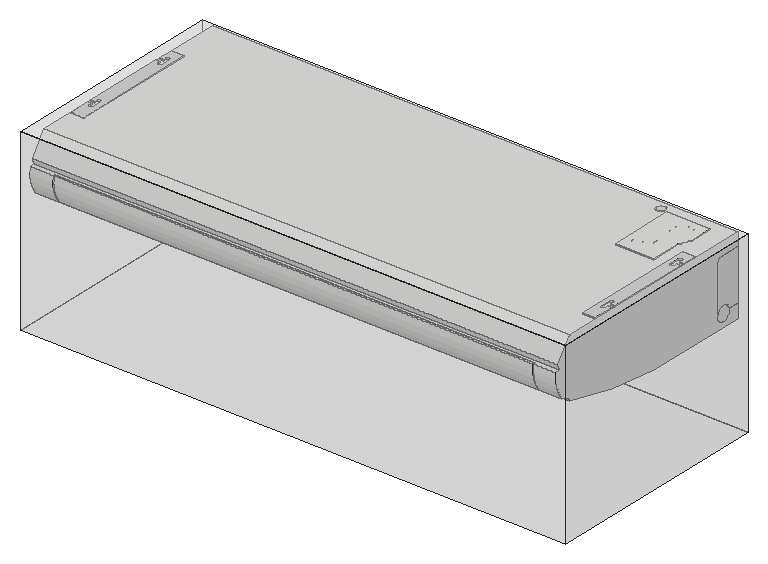
Revit family "outputfile", category 機械設備, Revit 2024
Family settings
  丸型コネクタ寸法 = 半径を使用
  パーツ タイプ = 標準
  OmniClass 番号 = 23.75.10.24.21.27.27
  OmniClass タイトル = Split System Air Conditioning Units
  作業面ベース = いいえ
  常に垂直 = はい
  ロード時にボイドで切り取り = いいえ
  注釈の向きを維持 = いいえ
  共有 = いいえ
  部屋計算ポイント = はい
Parameters (values of type "FHA100BVMA")
  Description = ""
  製造元 = "Daikin"
  書き出し IFC クラス(タイプ) = "IfcUnitaryEquipmentType"
  定義済み IFC タイプ(タイプ) = "AIRCONDITIONINGUNIT"
  Cost = 0
  モデル = "FHA100BVMA"
  Type Comments = ""
  Keynote = ""
  Type Image = (empty or 0)
  Assembly Code = ""
  switch_frequency = yes
  r_Liquid Pipe Size = Liquid Pipe Size / 2  # 4.75 mm
  r_Gas Pipe Size = Gas Pipe Size / 2  # 7.95 mm
  r_Drain Pipe Size = Drain Pipe Size / 2  # 10.0 mm
  l_powersupply [instance] = if(Rear Right Connection_powersupply, 29.0 mm, 175.0 mm)  # 29.0 mm
  h_mountinghole = 2.0 mm  # constant formula
  connector_voltage = Voltage_50Hz  # 230 V
  connector_powerinput = [Power Input (Cooling)]  # 2.780 kW
  connector_phase = Phase_50Hz  # 1
  angle_vertical_powersupply [instance] = if(Rear Right Connection_powersupply, 90.00°, 180.00°)  # 90.00°
  angle_vertical_drainpipe [instance] = if(or(Left Connection_drainpipe, Right Connection_drainpipe), 90.00°, if(Top Connection_drainpipe, 180.00°, -90.00°))  # -90.00°
  angle_horizontal_powersupply [instance] = if(Rear Right Connection_powersupply, 180.00°, 0.00°)  # 180.00°
  angle_horizontal_drainpipe [instance] = if(Right Connection_drainpipe, 90.00°, if(Left Connection_drainpipe, -90.00°, 0.00°))  # 0.00°
  Voltage_comment_60Hz = "220-230"
  Voltage_comment_50Hz = "220 - 240"
  Voltage_60Hz = 220 V
  Voltage_50Hz = 230 V
  URL = ""
  Total Heating Capacity [instance] = 0.000 kW
  Top Connection_refrigerant [instance] = no
  Top Connection_powersupply [instance] = not(Rear Right Connection_powersupply)  # no
  Right Connection_refrigerant [instance] = no
  Rear Right Connection_refrigerant [instance] = yes
  Power Input (Heating) = 3.220 kW
  Phase_60Hz = 1
  Phase_50Hz = 1
  Nominal Heating Capacity = 12.000 kW
  Minimum Circuit Amps_60Hz = 0.0 A
  Minimum Circuit Amps_50Hz = 0.0 A
  Maximum Fuse Amps_60Hz = 0.0 A
  Maximum Fuse Amps_50Hz = 0.0 A
  Material_Casing = DAIKIN_White_Casing_indoorunit
  lw_powersupply [instance] = if(Rear Right Connection_powersupply, 220.0 mm, 210.0 mm)  # 220.0 mm
  lw_mountinghole_pitch = Width - 40.0 mm  # 1550.0 mm
  lw_mountinghole = 20.0 mm  # constant formula
  lw_liquidpipe [instance] = if(Right Connection_refrigerant, 156.0 mm, if(Top Connection_refrigerant, 156.0 mm, 136.0 mm))  # 136.0 mm
  lw_gaspipe = 105.0 mm  # constant formula
  lw_drainpipe [instance] = if(Top Connection_drainpipe, 102.0 mm, if(Width = 960.0 mm, if(or(Left Connection_drainpipe, Rear Left Connection_drainpipe), 884.0 mm, 83.0 mm), if(Width = 1270.0 mm, if(or(Left Connection_drainpipe, Rear Left Connection_drainpipe), 1194.0 mm, 83.0 mm), if(Width = 1590.0 mm, if(or(Left Connection_drainpipe, Rear Left Connection_drainpipe), 1514.0 mm, 83.0 mm), 83.0 mm))))  # 83.0 mm
  lh_powersupply = 175.0 mm  # constant formula
  lh_liquidpipe [instance] = if(Rear Right Connection_refrigerant, 160.0 mm, 131.0 mm)  # 160.0 mm
  lh_gaspipe [instance] = if(Rear Right Connection_refrigerant, 150.0 mm, 91.0 mm)  # 150.0 mm
  lh_drainpipe = 197.0 mm  # constant formula
  l_antena = 1.0 mm  # constant formula
  ld_powersupply = 30.0 mm  # constant formula
  ld_mountinghole_pitch = 260.0 mm  # constant formula
  ld_mountinghole = 210.0 mm  # constant formula
  ld_liquidpipe [instance] = if(Right Connection_refrigerant, 57.0 mm, if(Top Connection_refrigerant, 189.0 mm, 221.0 mm))  # 221.0 mm
  ld_gaspipe [instance] = if(Right Connection_refrigerant, 57.0 mm, if(Top Connection_refrigerant, 163.0 mm, 214.0 mm))  # 214.0 mm
  ld_drainpipe [instance] = if(or(Left Connection_drainpipe, Right Connection_drainpipe), 57.0 mm, if(Top Connection_drainpipe, 87.0 mm, 268.0 mm))  # 268.0 mm
  l_liquidpipe_length [instance] = if(Right Connection_refrigerant, 156.0 mm, if(Top Connection_refrigerant, 131.0 mm, 220.0 mm))  # 220.0 mm
  l_gaspipe_length [instance] = if(Right Connection_refrigerant, 105.0 mm, if(Top Connection_refrigerant, 91.0 mm, 213.0 mm))  # 213.0 mm
  l_drainpipe_length [instance] = if(Right Connection_drainpipe, 83.0 mm, if(Top Connection_drainpipe, 197.0 mm, if(Left Connection_drainpipe, 76.0 mm, 267.0 mm)))  # 267.0 mm
  h*** = 0.0 mm  # constant formula
  angle_vertical [instance] = if(Right Connection_refrigerant, 90.00°, if(Top Connection_refrigerant, 180.00°, -90.00°))  # -90.00°
  angle_horizontal [instance] = if(Right Connection_refrigerant, 90.00°, 0.00°)  # 0.00°
  Width = 1590.0 mm
  Version = "ver.1.0"
  Unit Type = "Ceiling"
  Unit Mass Weight = 38.00 kg
  Unit Designation [instance] = ""
  Uniclass2015Version = "Products v1.30"
  Uniclass2015Title = "Split coil room air conditioning units"
  Uniclass2015Code = "Pr_70_65_03_86"
  Total Cooling Capacity [instance] = 0.000 kW
  Top Connection_drainpipe [instance] = no
  Sound Pressure Level_M speed (dBA) = 38
  Sound Pressure Level_L speed (dBA) = 34
  Sound Pressure Level_H speed (dBA) = 42
  Series = "SkyAir_Fan Coil Unit"
  Sensible Cooling Capacity [instance] = 0.000 kW
  Rear Right Connection_drainpipe [instance] = yes
  Rear Right Connection_powersupply [instance] = yes
  Right Connection_drainpipe [instance] = no
  Refrigerant Type = "R32"
  Power Input (Cooling) = 2.780 kW
  Option Accessory 3 [instance] = ""
  Option Accessory 2 [instance] = ""
  Option Accessory 1 [instance] = ""
  Nominal Cooling Capacity = 10.000 kW
  Minimum Airflow = 1200.00 m³/h
  Median Airflow = 1440.00 m³/h
  Maximum Airflow = 1680.00 m³/h
  Load Classification = HVAC
  Liquid Pipe Size = 9.5 mm
  Link_Nested Family [instance] = ""
  Rear Left Connection_drainpipe [instance] = no
  Left Connection_drainpipe [instance] = no
  IfcVersion = ""
  IfcExportType = "AIRCONDITIONINGUNIT"
  IfcExportAs = "IfcUnitaryEquipmentType"
  Height = 235.0 mm
  Heating Entering Wet Bulb Temperature [instance] = -273.15 °C
  Heating Entering Dry Bulb Temperature [instance] = -273.15 °C
  Heating Ambient Wet Bulb Temperature [instance] = -273.15 °C
  Heating Ambient Dry Bulb Temperature [instance] = -273.15 °C
  Heat Exchanger Type = "Cross Fin Coil"
  Gas Pipe Size = 15.9 mm
  Frequency_60Hz = 60 Hz
  Frequency_50Hz = 50 Hz
  Fan Type = "Sirocco Fan"
  Fan Drive = "-"
  FCU Tag No. [instance] = ""
  Drain Pipe Size = 20.0 mm
  Design Supply Airflow [instance] = 0.00 m³/h
  Design Outdoor Airflow [instance] = 0.00 m³/h
  Depth = 690.0 mm
  既定の高さ = 0.0 mm
  Cooling Entering Wet Bulb Temperature [instance] = 0.00 °C
  Cooling Entering Dry Bulb Temperature [instance] = 0.00 °C
  Cooling Ambient Wet Bulb Temperature [instance] = 0.00 °C
  Cooling Ambient Dry Bulb Temperature [instance] = 0.00 °C
  Clearance visibility [instance] = yes
  Clearance Top = 5.0 mm
  Clearance Right = 30.0 mm
  Clearance Rear = 0.0 mm
  Clearance Left = 30.0 mm
  Clearance Front = 0.0 mm
  Clearance Bottom = 300.0 mm
Reference planes
  plane 1 "Back": y = 0
  plane 2: z = 0
  plane 3 "Center (Left/Right)": x = 0
  plane 4 "Center (Front/Back)": y = -1
  plane 5 "Front": y = -690
  plane 6 "Left": x = -795
  plane 7 "Right": x = 795
  plane 8 "Top": z = 0
  plane 9 "Bottom": z = -235
  plane 10: y = -690
  plane 11: x = -825
  plane 12: x = 825
  plane 13: z = 5
  plane 14: z = -535
  plane 15: y = 0
  plane 16 "lw_mountinghole": x = -775
  plane 17 "lw_mountinghole2": x = 775
  plane 18 "ld_mountinghole": y = -210
  plane 19 "ld_mountinghole2": y = -470
  plane 20 "lw_gaspipe": x = 690
  plane 21 "ld_gaspipe": y = -214
  plane 22 "lh_gaspipe": z = -150
  plane 23 "lw_liquidpipe": x = 659
  plane 24 "ld_liquidpipe": y = -221
  plane 25 "lh_liquidpipe": z = -160
  plane 26 "ld_drainpipe": y = -268
  plane 27 "lw_drainpipe": x = 712
  plane 28 "lh_drainpipe": z = -197
  plane 29 "lw_powersupply": x = 575
  plane 30 "lh_powersupply": z = -175
  plane 31 "ld_powersupply": y = -30
  plane 32: x = -725.5
  plane 33: x = 725.5
  plane 34: x = -750
  plane 35: x = 750
  plane 36: x = -2
  plane 37: x = 2
Forms (mm)
  Extrusion 1, solid, material "DAIKIN_White_Casing_indoorunit" <- "Material_Casing"
    sketch origin (0, 0, 0) x (0, 1, 0) y (0, 0, 1)
      loop
        line (-639.277, 0) -> (-680.876, -61.699) -> (-675.026, -77.772)
        arc (-675.026, -77.772) -> (-681.815, -78.743) -> (-688.601, -79.732) r 2634.132
        arc (-688.601, -79.732) -> (-687.018, -121.096) -> (-669.159, -158.439) r 102.2
        line (-669.159, -158.439) -> (-639.858, -169.325) -> (-635.895, -178.261)
        arc (-635.895, -178.261) -> (-479.121, -215.759) -> (-319.077, -235) r 1400.997
        line (-319.077, -235) -> (-1, -235) -> (-1, 0) -> (-639.277, 0)
    from -795 to 795
  Extrusion 2, solid, material "DAIKIN_White_Casing_indoorunit" <- "Material_Casing"
    sketch origin (0, 0, 0) x (0, 1, 0) y (0, 0, 1)
      loop
        arc (-688.601, -79.732) -> (-687.018, -121.096) -> (-669.159, -158.439) r 102.2
        line (-669.159, -158.439) -> (-665.589, -154.869)
        arc (-665.589, -154.869) -> (-682.432, -118.783) -> (-683.39, -78.971) r 97.2
        arc (-683.39, -78.971) -> (-685.996, -79.351) -> (-688.601, -79.732) r 2634.132
    from -725.5 to 725.5
  Extrusion 3, void
    sketch origin (0, 0, 0) x (0, 1, 0) y (0, 0, 1)
      loop
        line (-301.098, -235) -> (-21.098, -235) -> (-21.098, -230) -> (-301.098, -230) -> (-301.098, -235)
    from -750 to 750
  Extrusion 4, solid, material "DAIKIN_White_Grille_indoorunit"
    sketch origin (0, 0, 0) x (0, 1, 0) y (0, 0, 1)
      loop
        line (-20.098, -230) -> (-301.098, -230) -> (-301.098, -235) -> (-20.098, -235) -> (-20.098, -230)
    from -750 to -2
  Extrusion 5, solid, material "DAIKIN_White_Casing_indoorunit" <- "Material_Casing"
    sketch origin (0, 0, 0) x (1, 0, 0) y (0, 0, 1)
      loop
        line (602, -63) -> (602, -178) -> (673, -220) -> (736, -220) -> (736, -63) -> (602, -63)
    from 0 to 1
  Extrusion 6, solid, material "DAIKIN_White_Casing_indoorunit" <- "Material_Casing"
    sketch origin (0, 0, 0) x (-1, 0, 0) y (0, -1, 0)
      loop
        line (-607, 35) -> (-607, 230) -> (-723, 230) -> (-723, 135) -> (-738, 105) -> (-738, 35) -> (-607, 35)
    from 0 to 1.9
  Extrusion 7, void
    sketch origin (795, 0, 0) x (0, 1, 0) y (0, 0, 1)
      loop
        arc (-79.5, -197) -> (-55.446, -219.446) -> (-34.715, -193.9) r 22.5
        line (-34.715, -193.9) -> (-1, -193.9) -> (-1, -192.1) -> (-35.04, -192.1)
        arc (-35.04, -192.1) -> (-54.942, -174.594) -> (-77.7, -188.182) r 22.5
        line (-77.7, -188.182) -> (-77.7, -45)
        arc (-77.7, -45) -> (-76.528, -42.172) -> (-73.7, -41) r 4
        line (-73.7, -41) -> (-1, -41) -> (-1, -39.2) -> (-73.7, -39.2)
        arc (-73.7, -39.2) -> (-77.801, -40.899) -> (-79.5, -45) r 5.8
        line (-79.5, -45) -> (-79.5, -197)
      loop
        circle (-57, -197) r 20.7
    from 0 to -10
  Extrusion 8, void
    sketch origin (-1444.026, -1, 1200) x (1, 0, 0) y (0, 0, 1)
      loop
        arc (715.026, -1375) -> (704.42, -1379.393) -> (700.026, -1390) r 15
        line (700.026, -1390) -> (700.026, -1400)
        arc (700.026, -1400) -> (704.42, -1410.607) -> (715.026, -1415) r 15
        line (715.026, -1415) -> (745.026, -1415)
        arc (745.026, -1415) -> (755.633, -1410.607) -> (760.026, -1400) r 15
        line (760.026, -1400) -> (760.026, -1390)
        arc (760.026, -1390) -> (755.633, -1379.393) -> (745.026, -1375) r 15
        line (745.026, -1375) -> (715.026, -1375)
    from 0 to 10
  Extrusion 9, void
    sketch origin (-795, 0, 0) x (0, 1, 0) y (0, 0, 1)
      loop
        circle (-57, -197) r 22.5
    from 0 to 10
  Extrusion 10, void
    sketch origin (-1444.026, -1, 1200) x (1, 0, 0) y (0, 0, 1)
      loop
        circle (2136.026, -1375) r 44
    from 0 to 10
  Extrusion 11, void
    sketch origin (0, 0, 0) x (-1, 0, 0) y (0, -1, 0)
      loop
        circle (-693, 87) r 30
    from 0 to -10
  Extrusion 12, void
    sketch origin (0, 0, 0) x (-1, 0, 0) y (0, -1, 0)
      loop
        circle (-690, 163) r 18
    from 0 to -10
  Extrusion 13, void
    sketch origin (0, 0, 0) x (-1, 0, 0) y (0, -1, 0)
      loop
        circle (-639, 189) r 13
    from 0 to -10
  Extrusion 14, void
    sketch origin (-1444.026, -1, 1200) x (1, 0, 0) y (0, 0, 1)
      loop
        circle (2019.026, -1375) r 14.5
    from 0 to 10
  Extrusion 15, void
    sketch origin (0, 0, 0) x (-1, 0, 0) y (0, -1, 0)
      loop
        circle (-585, 30) r 14.5
    from 0 to -10
  Extrusion 16, void
    sketch origin (795, 0, 0) x (0, 1, 0) y (0, 0, 1)
      loop
        arc (-665.589, -154.869) -> (-682.432, -118.783) -> (-683.39, -78.971) r 97.2
        arc (-683.39, -78.971) -> (-685.996, -79.351) -> (-688.601, -79.732) r 2634.132
        arc (-688.601, -79.732) -> (-687.018, -121.096) -> (-669.159, -158.439) r 102.2
        line (-669.159, -158.439) -> (-665.589, -154.869)
    from -69.5 to -1520.5
  Extrusion 17, solid, material "DAIKIN_White_Casing_indoorunit" <- "Material_Casing"
    sketch origin (-795, 0, 0) x (0, 1, 0) y (0, 0, 1)
      loop
        circle (-57, -197) r 22.5
    from 0 to 10
  Extrusion 18, solid, material "DAIKIN_White_Grille_indoorunit"
    sketch origin (780, 0, 0) x (0, 1, 0) y (0, 0, 1)
      loop
        line (-20.098, -230) -> (-301.098, -230) -> (-301.098, -235) -> (-20.098, -235) -> (-20.098, -230)
    from -782 to -778
  Extrusion 19, solid, material "DAIKIN_White_Grille_indoorunit"
    sketch origin (0, 0, 0) x (0, 1, 0) y (0, 0, -1)
      loop
        line (-20.098, 230) -> (-20.098, 235) -> (-301.098, 235) -> (-301.098, 230) -> (-20.098, 230)
    from -750 to -2
Cuts and joins
  Extrusion 3, Extrusion 7, Extrusion 8, Extrusion 9, Extrusion 10, Extrusion 11, Extrusion 12, Extrusion 13, Extrusion 14, Extrusion 15, Extrusion 16 cuts Extrusion 1
Lines and regions (mm)
  reference lines
    curve 1: line (795, -580.282, -192.75) -> (795, -551.225, -200.21)
Dimensions and locks
  equal spacing: plane 6 "Left", plane 3 "Center (Left/Right)", plane 7 "Right"
  "Width": plane 6 "Left" to plane 7 "Right"
  "Depth": plane 5 "Front" to plane 1 "Back"
  "Height": plane 8 "Top" to plane 9 "Bottom"
  "Clearance Front": plane 10 to plane 5 "Front"
  "Clearance Left": plane 11 to plane 6 "Left"
  "Clearance Right": plane 7 "Right" to plane 12
  "Clearance Top": plane 13 to plane 8 "Top"
  "Clearance Bottom": plane 9 "Bottom" to plane 14
  "Clearance Rear": plane 1 "Back" to plane 15
  locked: plane 4 "Center (Front/Back)" to plane 1 "Back" at 1
  locked: Extrusion 1 sketch curve to Extrusion 1 sketch curve at 235
  locked: Extrusion 1 sketch curve to Extrusion 1 sketch curve at 318.077
  locked: Extrusion 1 sketch curve to Extrusion 1 sketch curve at 1163.297
  locked: Extrusion 1 sketch curve to Extrusion 1 sketch curve at 231.144
  Extrusion 3 sketch curve to Extrusion 3 sketch curve to plane 1 "Back" = 280.0 mm locked, 21.098 mm locked
  "ld_mountinghole": plane 18 "ld_mountinghole" to plane 1 "Back"
  "ld_mountinghole_pitch": plane 18 "ld_mountinghole" to plane 19 "ld_mountinghole2"
  "lw_mountinghole_pitch": plane 16 "lw_mountinghole" to plane 17 "lw_mountinghole2"
  "lw_mountinghole": plane 6 "Left" to plane 16 "lw_mountinghole"
  "lw_gaspipe": plane 20 "lw_gaspipe" to plane 7 "Right"
  "ld_gaspipe": plane 1 "Back" to plane 21 "ld_gaspipe"
  "lw_liquidpipe": plane 23 "lw_liquidpipe" to plane 7 "Right"
  "ld_liquidpipe": plane 1 "Back" to plane 24 "ld_liquidpipe"
  "lw_drainpipe": plane 27 "lw_drainpipe" to plane 7 "Right"
  "ld_drainpipe": plane 26 "ld_drainpipe" to plane 1 "Back"
  plane 8 "Top" to Extrusion 5 sketch curve to Extrusion 5 sketch curve = 63.0 mm locked, 157.0 mm locked
  plane 7 "Right" to Extrusion 5 sketch curve to Extrusion 5 sketch curve = 59.0 mm locked, 134.0 mm locked
  locked: Extrusion 5 sketch curve to Extrusion 5 sketch curve at 115
  locked: Extrusion 5 sketch curve to Extrusion 5 sketch curve at 63
  locked: Extrusion 6 sketch curve to Extrusion 6 sketch curve at 195
  locked: Extrusion 6 sketch curve to Extrusion 6 sketch curve at 116
  locked: Extrusion 6 sketch curve to Extrusion 6 sketch curve at 131
  locked: Extrusion 6 sketch curve to Extrusion 6 sketch curve at 100
  locked: Extrusion 6 sketch curve to plane 1 "Back" at 35
  locked: Extrusion 6 sketch curve to plane 7 "Right" at 57
  locked: Extrusion 8 sketch curve to Extrusion 8 sketch curve at 40
  locked: Extrusion 8 sketch curve to Extrusion 8 sketch curve at 60
  locked: plane 8 "Top" to Extrusion 8 sketch curve at 175
  locked: Extrusion 8 sketch curve to plane 6 "Left" at 51
  locked: plane 7 "Right" to Extrusion 10 sketch curve at 103
  locked: plane 8 "Top" to Extrusion 10 sketch curve at 175
  locked: Extrusion 11 sketch curve to plane 1 "Back" at 87
  locked: Extrusion 11 sketch curve to plane 7 "Right" at 102
  locked: Extrusion 12 sketch curve to plane 1 "Back" at 163
  locked: Extrusion 12 sketch curve to plane 7 "Right" at 105
  locked: Extrusion 13 sketch curve to plane 1 "Back" at 189
  locked: Extrusion 13 sketch curve to plane 7 "Right" at 156
  "lw_powersupply": plane 29 "lw_powersupply" to plane 7 "Right"
  "lh_gaspipe": plane 8 "Top" to plane 22 "lh_gaspipe"
  "lh_liquidpipe": plane 8 "Top" to plane 25 "lh_liquidpipe"
  "lh_powersupply": plane 8 "Top" to plane 30 "lh_powersupply"
  "lh_drainpipe": plane 8 "Top" to plane 28 "lh_drainpipe"
  "ld_powersupply": plane 1 "Back" to plane 31 "ld_powersupply"
  locked: plane 8 "Top" to Extrusion 7 sketch curve at 197
  locked: Extrusion 7 sketch curve to plane 1 "Back" at 57
  locked: plane 9 "Bottom" to Extrusion 7 sketch curve at 41.1
  locked: Extrusion 7 sketch curve to plane 8 "Top" at 41
  locked: Extrusion 7 sketch curve to plane 1 "Back" at 79.5
  locked: Extrusion 9 sketch curve to plane 1 "Back" at 57
  locked: plane 8 "Top" to Extrusion 9 sketch curve at 197
  locked: Extrusion 17 sketch curve to plane 1 "Back" at 57
  locked: plane 8 "Top" to Extrusion 17 sketch curve at 197
  locked: plane 7 "Right" to Extrusion 14 sketch curve at 220
  locked: plane 8 "Top" to Extrusion 14 sketch curve at 175
  locked: Extrusion 15 sketch curve to plane 7 "Right" at 210
  locked: Extrusion 15 sketch curve to plane 1 "Back" at 30
  locked: curve 1 to plane 9 "Bottom" at 34.79
  locked: curve 1 to plane 9 "Bottom" at 42.25
  locked: plane 6 "Left" to plane 32 at 69.5
  locked: plane 33 to plane 7 "Right" at 69.5
  locked: plane 35 to plane 7 "Right" at 45
  locked: plane 6 "Left" to plane 34 at 45
  plane 36 to plane 3 "Center (Left/Right)" to plane 37 = 2.0 mm locked, 2.0 mm locked
  locked: curve 1 to plane 9 "Bottom" (angle 14.40°)
  aligned and locked: level to plane 2
  aligned and locked: nested 1 to plane 11
  aligned and locked: nested 1 to plane 12
  aligned and locked: nested 1 to plane 10
  aligned and locked: plane 13 to nested 1
  aligned and locked: plane 14 to nested 1
  aligned and locked: plane 15 to nested 1
  aligned and locked: Extrusion 1 sketch curve to plane 8 "Top"
  aligned and locked: Extrusion 2 sketch curve to Extrusion 1  (x2)
  aligned and locked: plane 7 "Right" to Extrusion 1
  aligned and locked: Extrusion 1 to plane 6 "Left"
  aligned and locked: cut or joined group 1 (Extrusion 1, Extrusion 3, Extrusion 7, Extrusion 8, Extrusion 9, Extrusion 10, Extrusion 11, Extrusion 12, Extrusion 13, Extrusion 14, Extrusion 15, Extrusion 16) to Extrusion 3 sketch curve
  aligned and locked: cut or joined group 1 to Extrusion 4 sketch curve
  aligned and locked: Extrusion 5 to plane 4 "Center (Front/Back)"
  aligned and locked: Extrusion 7 sketch curve to plane 4 "Center (Front/Back)"
  aligned and locked: Extrusion 16 sketch curve to Extrusion 2  (x4)
  aligned and locked: Extrusion 16 to Extrusion 2  (x2)
  aligned and locked: nested 2 to plane 26 "ld_drainpipe"
  aligned and locked: plane 27 "lw_drainpipe" to nested 2
  aligned and locked: plane 20 "lw_gaspipe" to nested 3
  aligned and locked: nested 3 to plane 21 "ld_gaspipe"
  aligned and locked: plane 23 "lw_liquidpipe" to nested 4
  aligned and locked: nested 4 to plane 24 "ld_liquidpipe"
  aligned and locked: plane 25 "lh_liquidpipe" to nested 4
  aligned and locked: nested 5 to plane 31 "ld_powersupply"
  aligned and locked: plane 29 "lw_powersupply" to nested 5
  aligned and locked: nested 7 to plane 18 "ld_mountinghole"
  aligned and locked: plane 16 "lw_mountinghole" to nested 7
  aligned and locked: nested 6 to plane 19 "ld_mountinghole2"
  aligned and locked: plane 16 "lw_mountinghole" to nested 6
  aligned and locked: nested 9 to plane 18 "ld_mountinghole"
  aligned and locked: plane 17 "lw_mountinghole2" to nested 9
  aligned and locked: plane 17 "lw_mountinghole2" to nested 8
  aligned and locked: nested 8 to plane 19 "ld_mountinghole2"
  aligned and locked: nested 10 to curve 1
  aligned and locked: level to plane 8 "Top"
  aligned and locked: cut or joined group 1 to plane 32
  aligned and locked: plane 33 to cut or joined group 1
  aligned and locked: Extrusion 16 to plane 32
  aligned and locked: plane 33 to Extrusion 16
  aligned and locked: Extrusion 4 to plane 34
  aligned and locked: cut or joined group 1 to plane 34
  aligned and locked: plane 34 to Extrusion 4  (x3)
  aligned and locked: plane 16 "lw_mountinghole" to nested 11
  aligned and locked: plane 17 "lw_mountinghole2" to nested 12
  aligned and locked: plane 36 to Extrusion 4
  aligned and locked: Extrusion 18 to plane 36
  aligned and locked: plane 37 to Extrusion 18
  aligned and locked: Extrusion 19 to plane 37
  aligned and locked: plane 37 to Extrusion 19
  aligned and locked: plane 35 to Extrusion 19
  aligned and locked: plane 35 to Extrusion 3
  aligned and locked: Extrusion 4 to cut or joined group 1
  aligned and locked: cut or joined group 1 to Extrusion 18
  aligned and locked: cut or joined group 1 to Extrusion 19
Automatic sketch dimensions
  Extrusion 1 sketch curve to plane 4 "Center (Front/Back)" = 0.0 mm
  Extrusion 1 sketch curve to plane 5 "Front" = 102.2 mm
  Extrusion 1 sketch curve to plane 30 "lh_powersupply" = 3.261 mm
  Extrusion 1 sketch curve to plane 5 "Front" = 50.723 mm
  plane 30 "lh_powersupply" to Extrusion 1 sketch curve = 5.675 mm
  Extrusion 1 sketch curve to Extrusion 1 sketch curve = 3.963 mm
  plane 25 "lh_liquidpipe" to Extrusion 1 sketch curve = 1.561 mm
  Extrusion 1 sketch curve to plane 5 "Front" = 20.841 mm
  Extrusion 1 sketch curve to plane 5 "Front" = 14.974 mm
  Extrusion 1 sketch curve to plane 5 "Front" = 9.124 mm
  Extrusion 1 sketch curve to plane 26 "ld_drainpipe" = 37.278 mm
  Extrusion 1 sketch curve to plane 14 = 2150.825 mm
  plane 22 "lh_gaspipe" to Extrusion 1 sketch curve = 53.413 mm
  Extrusion 1 sketch curve to level = 77.772 mm
  Extrusion 1 sketch curve to Extrusion 1 sketch curve = 16.072 mm
  Extrusion 2 sketch curve to Extrusion 2 sketch curve = 0.0 mm  (x2)
  plane 25 "lh_liquidpipe" to Extrusion 2 sketch curve = 1.561 mm
  Extrusion 2 sketch curve to plane 22 "lh_gaspipe" = 4.869 mm
  Extrusion 2 sketch curve to Extrusion 2 sketch curve = 3.57 mm
  Extrusion 3 sketch curve to Extrusion 3 sketch curve = 5.0 mm
  plane 31 "ld_powersupply" to Extrusion 4 sketch curve = 9.902 mm
  Extrusion 4 sketch curve to Extrusion 4 sketch curve = 5.0 mm
  Extrusion 6 sketch curve to Extrusion 6 sketch curve = 30.0 mm
  Extrusion 7 sketch curve to Extrusion 7 sketch curve = 0.0 mm  (x6)
  Extrusion 7 sketch curve to plane 4 "Center (Front/Back)" = 0.0 mm
  Extrusion 7 sketch curve to Extrusion 7 sketch curve = 1.8 mm  (x2)
  Extrusion 7 sketch curve to Extrusion 7 sketch curve = 4.0 mm
  Extrusion 7 sketch curve to Extrusion 7 sketch curve = 0.325 mm
  Extrusion 8 sketch curve to plane 32 = 3.5 mm  (x2)
  Extrusion 8 sketch curve to plane 28 "lh_drainpipe" = 3.0 mm
  Extrusion 8 sketch curve to Extrusion 8 sketch curve = 15.0 mm
  curve 1 to plane 5 "Front" = 109.718 mm
  Extrusion 18 sketch curve to plane 9 "Bottom" = 0.0 mm
  plane 9 "Bottom" to Extrusion 18 sketch curve = 5.0 mm
  Extrusion 18 sketch curve to plane 26 "ld_drainpipe" = 33.098 mm
  plane 31 "ld_powersupply" to Extrusion 18 sketch curve = 9.902 mm
  Extrusion 19 sketch curve to plane 9 "Bottom" = 0.0 mm
  plane 9 "Bottom" to Extrusion 19 sketch curve = 5.0 mm
  Extrusion 19 sketch curve to plane 26 "ld_drainpipe" = 33.098 mm
  plane 31 "ld_powersupply" to Extrusion 19 sketch curve = 9.902 mm
  Extrusion 4 sketch curve to plane 26 "ld_drainpipe" = 33.098 mm
  radius of Extrusion 7 sketch curve = 20.7 mm
  radius of Extrusion 9 sketch curve = 22.5 mm
  radius of Extrusion 10 sketch curve = 44.0 mm
  radius of Extrusion 11 sketch curve = 30.0 mm
  radius of Extrusion 12 sketch curve = 18.0 mm
  radius of Extrusion 13 sketch curve = 13.0 mm
  radius of Extrusion 14 sketch curve = 14.5 mm
  radius of Extrusion 15 sketch curve = 14.5 mm
  radius of Extrusion 17 sketch curve = 22.5 mm
Nested families
  nested 1: "daikin_clearancespace" at (0, -345, -264.881), visible <- "Clearance visibility", show <- "Clearance visibility", Link_Nested Family <- "Link_Nested Family", type "daikin_clearancespace"
    with width 1650.0 mm, show yes, height 540.0 mm, depth 690.0 mm, Link_Nested Family ""
  nested 2: "daikin_connector_rotate3" at (712, -268, -197), radius <- "r_Drain Pipe Size", angle_vertical <- "angle_vertical_drainpipe", angle_horizontal <- "angle_horizontal_drainpipe", length <- "l_drainpipe_length", type "daikin_connector_rotate3"
    with show no, radius 10.0 mm, length 267.0 mm, angle_vertical -90.00°, angle_horizontal 0.00°
  nested 3: "daikin_connector_rotate3" at (690, -214, -150), radius <- "r_Gas Pipe Size", angle_vertical <- "angle_vertical", angle_horizontal <- "angle_horizontal", length <- "l_gaspipe_length", type "daikin_connector_rotate3"
    with show no, radius 7.95 mm, length 213.0 mm, angle_vertical -90.00°, angle_horizontal 0.00°
  nested 4: "daikin_connector_rotate3" at (659, -221, -160), radius <- "r_Liquid Pipe Size", angle_vertical <- "angle_vertical", angle_horizontal <- "angle_horizontal", length <- "l_liquidpipe_length", type "daikin_connector_rotate3"
    with show no, radius 4.75 mm, length 220.0 mm, angle_vertical -90.00°, angle_horizontal 0.00°
  nested 5: "daikin_connector_rotate3" at (575, -30, -175), length <- "l_powersupply", angle_vertical <- "angle_vertical_powersupply", angle_horizontal <- "angle_horizontal_powersupply", type "daikin_connector_rotate3"
    with show no, radius 10.0 mm, length 29.0 mm, angle_vertical 90.00°, angle_horizontal 180.00°
  nested 6: "daikin_mountinghole" at (-775, -470, 0), l_antenna <- "l_antena", Link_Nested Family <- "Link_Nested Family", h_mountinghole <- "h_mountinghole", type "daikin_mountinghole"
    with show yes, l_antenna 1.0 mm, h_mountinghole 2.0 mm, Link_Nested Family ""
  nested 7: "daikin_mountinghole" at (-775, -210, 0), l_antenna <- "l_antena", Link_Nested Family <- "Link_Nested Family", h_mountinghole <- "h_mountinghole", type "daikin_mountinghole"
    with show yes, l_antenna 1.0 mm, h_mountinghole 2.0 mm, Link_Nested Family ""
  nested 8: "daikin_mountinghole" at (775, -470, 0), l_antenna <- "l_antena", Link_Nested Family <- "Link_Nested Family", h_mountinghole <- "h_mountinghole", type "daikin_mountinghole"
    with show yes, l_antenna 1.0 mm, h_mountinghole 2.0 mm, Link_Nested Family ""
  nested 9: "daikin_mountinghole" at (775, -210, 0), Link_Nested Family <- "Link_Nested Family", l_antenna <- "l_antena", h_mountinghole <- "h_mountinghole", type "daikin_mountinghole"
    with show yes, l_antenna 1.0 mm, h_mountinghole 2.0 mm, Link_Nested Family ""
  nested 10: "daikin_logo_plane_w40" at (647.963, -559.801, -198.008) x (1, 0, 0) z (0, -0.2487, -0.9686), type "daikin_logo_plane_w40"
    with show_logo yes
  nested 11: "daikin_hangerfixture_FHA-BVMA" at (-775, 0, 0), type "daikin_hangerfixture_FHA-BVMA"
    with width 38.0 mm, height 2.0 mm, depth 380.0 mm
  nested 12: "daikin_hangerfixture_FHA-BVMA" at (775, 0, 0) x (-1, 0, 0) z (0, 0, 1), type "daikin_hangerfixture_FHA-BVMA"
    with width 38.0 mm, height 2.0 mm, depth 380.0 mm
Connectors
  piping at (712, -1, -197), diameter 20, driven by "r_Drain Pipe Size"
    settings: on nested 2, index 1, connector inside diameter 609.6 mm, connector length 0.0 mm, flow factor 0, pipe flow 0.00 m³/h, pressure drop 0.0 Pa, fitting loss kfactor 0, connector angle 0.00°, fixture units 0, engagement length 0.0 mm, angle of deflection 0.00°, flow configuration 1, flow direction 2, fitting loss method 4, system type 16, joint type 0, gender type 0, connector reference index -1, connector utility 0, adjustable connector no, is connector primary yes, connector description "Condensate Drain Piping"
  piping at (690, -1, -150), diameter 15.9, driven by "r_Gas Pipe Size"
    settings: on nested 3, index 3, connector inside diameter 609.6 mm, connector length 0.0 mm, flow factor 0, pipe flow 0.00 m³/h, pressure drop 0.0 Pa, fitting loss kfactor 0, connector angle 0.00°, fixture units 0, engagement length 0.0 mm, angle of deflection 0.00°, flow configuration 1, flow direction 2, fitting loss method 0, system type 29, joint type 0, gender type 0, connector reference index -1, connector utility 0, adjustable connector no, is connector primary no, connector description "Refrigerant Gas Piping"
  piping at (659, -1, -160), diameter 9.5, driven by "r_Liquid Pipe Size"
    settings: on nested 4, index 4, connector inside diameter 609.6 mm, connector length 0.0 mm, flow factor 0, pipe flow 0.00 m³/h, pressure drop 0.0 Pa, fitting loss kfactor 0, connector angle 0.00°, fixture units 0, engagement length 0.0 mm, angle of deflection 0.00°, flow configuration 1, flow direction 1, fitting loss method 0, system type 29, joint type 0, gender type 0, connector reference index -1, connector utility 0, adjustable connector no, is connector primary no, connector description "Refrigerant Liquid Piping"
  electrical at (575, -1, -175), driven by "Load Classification", driven by "connector_powerinput", driven by "connector_phase", driven by "connector_voltage"
    settings: on nested 5, index 6, voltage 230 V, apparent load 2780 VA, apparent load phase1 0 VA, apparent load phase2 0 VA, apparent load phase3 0 VA, power factor 1, load classification "HVAC", number of poles 1, system type 30, power factor state 1, is connector primary yes, connector utility no, sub classification motor no, connector description "Power Supply"
Definition of nested family "daikin_clearancespace"
  Parameters (values of type "daikin_clearancespace")
    Description = "daikin_clearancespace"
    width [instance] = 1823.963 mm
    show [instance] = yes
    material = none
    height [instance] = 1359.762 mm
    depth [instance] = 880.0 mm
    Default Elevation = 0.0 mm
    Link_Nested Family [instance] = ""
  Reference planes
    plane 1 "Center (Front/Back)": y = 0
    plane 2 "Center (Elevation)": z = -0.119
    plane 3 "Center (Left/Right)": x = 0
    plane 4: y = 440
    plane 5: y = -440
    plane 6 "Right": x = 911.982
    plane 7 "Left": x = -911.982
    plane 8 "Top": z = 679.762
    plane 9 "Bottom": z = -680
  Forms (mm)
    Extrusion 1, solid, material <- "material", visible <- "show"
      sketch origin (0, 0, 0) x (1, 0, 0) y (0, 1, 0)
        loop
          line (-911.982, 440) -> (-911.982, -440) -> (911.982, -440) -> (911.982, 440) -> (-911.982, 440)
      from -680 to 679.762
  Lines and regions (mm)
    symbolic lines, visible <- "show"
      curve 1: line (911.982, 440, 0) -> (-911.982, 440, 0)
      curve 2: line (-911.982, 440, 0) -> (-911.982, -440, 0)
      curve 3: line (-911.982, -440, 0) -> (911.982, -440, 0)
      curve 4: line (911.982, -440, 0) -> (911.982, 440, 0)
      curve 5: line (911.982, 0, 679.762) -> (-911.982, 0, 679.762)
      curve 6: line (911.982, 0, -680) -> (911.982, 0, 679.762)
      curve 7: line (-911.982, 0, -680) -> (911.982, 0, -680)
      curve 8: line (-911.982, 0, 679.762) -> (-911.982, 0, -680)
      curve 9: line (0, 440, 679.762) -> (0, -440, 679.762)
      curve 10: line (0, -440, 679.762) -> (0, -440, -680)
      curve 11: line (0, 440, -680) -> (0, 440, 679.762)
      curve 12: line (0, -440, -680) -> (0, 440, -680)
  Dimensions and locks
    "width": plane 7 "Left" to plane 6 "Right"
    "depth": plane 4 to plane 5
    "height": plane 8 "Top" to plane 9 "Bottom"
    equal spacing: plane 7 "Left", plane 3 "Center (Left/Right)", plane 6 "Right"
    equal spacing: plane 4, plane 1 "Center (Front/Back)", plane 5
    equal spacing: plane 8 "Top", plane 2 "Center (Elevation)", plane 9 "Bottom"
    aligned and locked: level to plane 2 "Center (Elevation)"
    aligned and locked: Extrusion 1 sketch curve to plane 4
    aligned and locked: plane 7 "Left" to Extrusion 1 sketch curve
    aligned and locked: Extrusion 1 sketch curve to plane 5
    aligned and locked: Extrusion 1 sketch curve to plane 6 "Right"
    aligned and locked: plane 8 "Top" to Extrusion 1
    aligned and locked: curve 1 to Extrusion 1
    aligned and locked: curve 2 to Extrusion 1
    aligned and locked: curve 3 to Extrusion 1
    aligned and locked: curve 4 to Extrusion 1
    aligned and locked: curve 5 to Extrusion 1
    aligned and locked: curve 6 to Extrusion 1
    aligned and locked: curve 7 to Extrusion 1
    aligned and locked: curve 8 to Extrusion 1
    aligned and locked: curve 9 to Extrusion 1
    aligned and locked: curve 10 to Extrusion 1
    aligned and locked: curve 11 to Extrusion 1
    aligned and locked: curve 12 to Extrusion 1
    aligned and locked: Extrusion 1 to plane 9 "Bottom"
Definition of nested family "daikin_logo_plane_w40"
  Parameters (values of type "daikin_logo_plane_w40")
    width = 40.0 mm
    show_logo [instance] = yes
    material = none
    height = 0.0 mm
    depth = 0.0 mm
    Default Elevation = 1219.2 mm
  Reference planes
    plane 1 "Center (Front/Back)": y = 0
    plane 2: z = 0
    plane 3 "Center (Left/Right)": x = 0
    plane 4: z = 2
    plane 5 "left": x = -19
    plane 6: x = 19
  Forms (mm)
    Extrusion 1, solid, visible <- "show_logo"
      sketch origin (-19, 0, 0) x (1, 0, 0) y (0, 1, 0)
        loop
          line (8.902, -1.878) -> (7.789, -6.332) -> (11.13, -6.332)
          arc (11.13, -6.332) -> (12.454, -6.064) -> (13.472, -5.176) r 2.642
          arc (13.472, -5.176) -> (13.92, -4.02) -> (13.767, -2.79) r 2.537
          arc (13.767, -2.79) -> (13.452, -2.342) -> (12.982, -2.06) r 1.321
          arc (12.982, -2.06) -> (12.063, -1.902) -> (11.13, -1.878) r 6.479
          line (11.13, -1.878) -> (8.902, -1.878)
        loop
          line (10.016, -5.441) -> (10.907, -5.441)
          arc (10.907, -5.441) -> (11.591, -4.983) -> (11.988, -4.261) r 1.742
          spline (11.988, -4.261) -> (12.01, -4.155) -> (12.027, -4.03) -> (12.037, -3.893) -> (12.037, -3.747) -> (12.026, -3.598) -> (12.002, -3.451) -> (11.962, -3.31) -> (11.905, -3.181) -> (11.829, -3.069) -> (11.731, -2.978) -> (11.61, -2.913) -> (11.464, -2.88)
          line (11.464, -2.88) -> (10.573, -2.88) -> (10.016, -5.441)
        loop
          line (13.58, -6.332) -> (14.805, -6.332) -> (15.223, -5.553) -> (16.977, -5.553) -> (17.144, -6.332) -> (19.149, -6.332) -> (18.258, -1.878) -> (16.03, -1.878) -> (13.58, -6.332)
        loop
          line (16.476, -3.214) -> (15.76, -4.551) -> (16.762, -4.551) -> (16.476, -3.214)
        loop
          line (19.705, -6.332) -> (21.599, -6.332) -> (22.712, -1.878) -> (20.819, -1.878) -> (19.705, -6.332)
        loop
          line (22.712, -6.332) -> (24.606, -6.332) -> (24.908, -5.122) -> (25.831, -6.332) -> (28.17, -6.332) -> (26.388, -3.994) -> (28.949, -1.878) -> (26.945, -1.878) -> (25.401, -3.153) -> (25.719, -1.878) -> (23.826, -1.878) -> (22.712, -6.332)
        loop
          line (29.84, -1.878) -> (28.615, -6.332) -> (30.62, -6.332) -> (31.734, -1.878) -> (29.84, -1.878)
        loop
          line (31.734, -6.332) -> (33.07, -6.332) -> (33.7, -3.814) -> (34.518, -6.332) -> (36.745, -6.332) -> (37.859, -1.878) -> (36.523, -1.878) -> (35.845, -4.589) -> (34.963, -1.878) -> (32.847, -1.878) -> (31.734, -6.332)
      from 0 to 2
    Extrusion 2, solid, visible <- "show_logo"
      sketch origin (-19, 0, 0) x (1, 0, 0) y (0, 1, 0)
        loop
          line (8.7, 0) -> (4.235, 0) -> (0, -3.879) -> (0, -8) -> (8.7, 0)
      from 0 to 2
    Extrusion 3, solid, visible <- "show_logo"
      sketch origin (-19, 0, 0) x (1, 0, 0) y (0, 1, 0)
        loop
          line (0, 0) -> (0, -3.879) -> (4.235, 0) -> (0, 0)
      from 0 to 2
  Dimensions and locks
    plane 4 to plane 2 = 2.0 mm
    equal spacing: plane 5 "left", plane 3 "Center (Left/Right)", plane 6
    locked: plane 5 "left" to plane 6 at 38
    aligned and locked: level to plane 2
    aligned and locked: Extrusion 3 to plane 1 "Center (Front/Back)"  (x2)
    aligned and locked: Extrusion 2 to plane 1 "Center (Front/Back)"  (x2)
    aligned and locked: plane 4 to Extrusion 1
    aligned and locked: plane 4 to Extrusion 3
    aligned and locked: plane 4 to Extrusion 2
    aligned and locked: Extrusion 3 to plane 5 "left"
    aligned and locked: Extrusion 2 to plane 5 "left"
  Automatic sketch dimensions
    Extrusion 1 sketch curve to Extrusion 1 sketch curve = 0.901 mm
    Extrusion 1 sketch curve to Extrusion 1 sketch curve = 1.559 mm
    Extrusion 1 sketch curve to Extrusion 1 sketch curve = 1.327 mm
    Extrusion 1 sketch curve to Extrusion 1 sketch curve = 2.145 mm
    Extrusion 1 sketch curve to Extrusion 1 sketch curve = 1.448 mm
    Extrusion 1 sketch curve to Extrusion 1 sketch curve = 2.116 mm
    Extrusion 1 sketch curve to Extrusion 1 sketch curve = 1.114 mm  (x4)
    Extrusion 1 sketch curve to Extrusion 1 sketch curve = 1.336 mm  (x2)
    plane 1 "Center (Front/Back)" to Extrusion 1 sketch curve = 1.878 mm  (x5)
    Extrusion 1 sketch curve to Extrusion 1 sketch curve = 1.893 mm  (x5)
    Extrusion 1 sketch curve to Extrusion 1 sketch curve = 0.891 mm  (x4)
    Extrusion 1 sketch curve to Extrusion 1 sketch curve = 2.005 mm  (x3)
    Extrusion 1 sketch curve to Extrusion 1 sketch curve = 0.445 mm  (x2)
    plane 1 "Center (Front/Back)" to Extrusion 1 sketch curve = 3.994 mm
    Extrusion 1 sketch curve to Extrusion 1 sketch curve = 0.557 mm  (x2)
    Extrusion 1 sketch curve to Extrusion 1 sketch curve = 2.339 mm  (x2)
    Extrusion 1 sketch curve to Extrusion 1 sketch curve = 1.225 mm  (x3)
    plane 1 "Center (Front/Back)" to Extrusion 1 sketch curve = 3.153 mm
    Extrusion 1 sketch curve to Extrusion 1 sketch curve = 0.987 mm
    plane 1 "Center (Front/Back)" to Extrusion 1 sketch curve = 5.122 mm
    Extrusion 1 sketch curve to Extrusion 1 sketch curve = 0.922 mm
    plane 1 "Center (Front/Back)" to Extrusion 1 sketch curve = 6.332 mm
    Extrusion 1 sketch curve to Extrusion 1 sketch curve = 2.562 mm
    plane 1 "Center (Front/Back)" to Extrusion 1 sketch curve = 5.553 mm
    Extrusion 1 sketch curve to Extrusion 1 sketch curve = 0.167 mm
    Extrusion 1 sketch curve to Extrusion 1 sketch curve = 0.215 mm
    plane 1 "Center (Front/Back)" to Extrusion 1 sketch curve = 3.214 mm
    Extrusion 1 sketch curve to Extrusion 1 sketch curve = 0.286 mm
    plane 1 "Center (Front/Back)" to Extrusion 1 sketch curve = 4.551 mm
    Extrusion 1 sketch curve to Extrusion 1 sketch curve = 1.002 mm
    Extrusion 1 sketch curve to Extrusion 1 sketch curve = 0.537 mm
    Extrusion 1 sketch curve to Extrusion 1 sketch curve = 0.418 mm
    Extrusion 1 sketch curve to Extrusion 1 sketch curve = 1.028 mm
    plane 1 "Center (Front/Back)" to Extrusion 1 sketch curve = 4.261 mm
    Extrusion 1 sketch curve to Extrusion 1 sketch curve = 0.563 mm
    plane 1 "Center (Front/Back)" to Extrusion 1 sketch curve = 2.88 mm
    Extrusion 1 sketch curve to Extrusion 1 sketch curve = 1.088 mm
    Extrusion 1 sketch curve to Extrusion 1 sketch curve = 2.152 mm
    Extrusion 1 sketch curve to Extrusion 1 sketch curve = 0.586 mm
    Extrusion 1 sketch curve to Extrusion 1 sketch curve = 0.118 mm
    Extrusion 1 sketch curve to Extrusion 1 sketch curve = 0.298 mm
    Extrusion 1 sketch curve to Extrusion 1 sketch curve = 0.334 mm
    Extrusion 1 sketch curve to Extrusion 1 sketch curve = 0.223 mm
    Extrusion 1 sketch curve to Extrusion 1 sketch curve = 0.266 mm
    Extrusion 1 sketch curve to Extrusion 1 sketch curve = 1.671 mm
    Extrusion 1 sketch curve to Extrusion 1 sketch curve = 2.227 mm
    Extrusion 1 sketch curve to Extrusion 1 sketch curve = 0.0 mm  (x7)
    Extrusion 1 sketch curve to Extrusion 1 sketch curve = 3.453 mm
    Extrusion 1 sketch curve to Extrusion 1 sketch curve = 2.017 mm
    Extrusion 1 sketch curve to Extrusion 1 sketch curve = 0.78 mm  (x2)
    Extrusion 1 sketch curve to Extrusion 1 sketch curve = 1.743 mm
    Extrusion 1 sketch curve to Extrusion 1 sketch curve = 0.775 mm
    Extrusion 1 sketch curve to Extrusion 1 sketch curve = 0.552 mm
    Extrusion 1 sketch curve to Extrusion 1 sketch curve = 0.014 mm
    Extrusion 1 sketch curve to Extrusion 1 sketch curve = 0.952 mm
    Extrusion 1 sketch curve to Extrusion 1 sketch curve = 1.215 mm
    Extrusion 1 sketch curve to Extrusion 1 sketch curve = 0.108 mm
    plane 1 "Center (Front/Back)" to Extrusion 2 sketch curve = 0.0 mm
    Extrusion 2 sketch curve to plane 3 "Center (Left/Right)" = 19.0 mm
    Extrusion 2 sketch curve to plane 3 "Center (Left/Right)" = 14.765 mm
    Extrusion 2 sketch curve to Extrusion 2 sketch curve = 4.465 mm
    plane 1 "Center (Front/Back)" to Extrusion 2 sketch curve = 3.879 mm
    Extrusion 2 sketch curve to Extrusion 2 sketch curve = 4.12 mm
    plane 1 "Center (Front/Back)" to Extrusion 3 sketch curve = 0.0 mm
    Extrusion 3 sketch curve to plane 3 "Center (Left/Right)" = 19.0 mm
    Extrusion 3 sketch curve to plane 3 "Center (Left/Right)" = 14.765 mm
    plane 1 "Center (Front/Back)" to Extrusion 3 sketch curve = 3.879 mm
    Extrusion 1 sketch curve to plane 3 "Center (Left/Right)" = 11.211 mm
    Extrusion 1 sketch curve to Extrusion 1 sketch curve = 1.782 mm
Definition of nested family "daikin_hangerfixture_FHA-BVMA"
  Parameters (values of type "daikin_hangerfixture_FHA-CV2S")
    width = 44.0 mm
    material = none
    height = 155.0 mm
    depth = 33.0 mm
    Default Elevation = 0.0 mm
  Reference planes
    plane 1 "Center (Front/Back)": y = 0
    plane 2: z = 0
    plane 3 "Center (Left/Right)": x = 0
    plane 4: z = -2.3
    plane 5: z = -155
    plane 6: z = -12
  Forms (mm)
    Extrusion 1, solid
      sketch origin (0, 0, 0) x (1, 0, 0) y (0, 1, 0)
        loop
          line (20, -159) -> (-18, -159) -> (-18, -204) -> (-6, -204) -> (-6, -196)
          arc (-6, -196) -> (0, -190) -> (6, -196) r 6
          line (6, -196) -> (6, -224)
          arc (6, -224) -> (0, -230) -> (-6, -224) r 6
          line (-6, -224) -> (-6, -216) -> (-18, -216) -> (-18, -464) -> (-6, -464) -> (-6, -456)
          arc (-6, -456) -> (0, -450) -> (6, -456) r 6
          line (6, -456) -> (6, -484)
          arc (6, -484) -> (0, -490) -> (-6, -484) r 6
          line (-6, -484) -> (-6, -476) -> (-18, -476) -> (-18, -539) -> (20, -539) -> (20, -159)
      from 0 to 2
  Dimensions and locks
    plane 2 to plane 4 = 2.3 mm
    "height": plane 2 to plane 5
    locked: plane 2 to plane 6 at 12
    aligned and locked: level to plane 2
  Automatic sketch dimensions
    plane 3 "Center (Left/Right)" to Extrusion 1 sketch curve = 20.0 mm
    plane 1 "Center (Front/Back)" to Extrusion 1 sketch curve = 159.0 mm
    Extrusion 1 sketch curve to plane 3 "Center (Left/Right)" = 18.0 mm
    Extrusion 1 sketch curve to Extrusion 1 sketch curve = 380.0 mm
    Extrusion 1 sketch curve to Extrusion 1 sketch curve = 63.0 mm
    Extrusion 1 sketch curve to plane 3 "Center (Left/Right)" = 0.0 mm  (x4)
    plane 3 "Center (Left/Right)" to Extrusion 1 sketch curve = 6.0 mm
    Extrusion 1 sketch curve to Extrusion 1 sketch curve = 8.0 mm  (x4)
    Extrusion 1 sketch curve to Extrusion 1 sketch curve = 20.0 mm  (x2)
    Extrusion 1 sketch curve to Extrusion 1 sketch curve = 0.0 mm  (x2)
    Extrusion 1 sketch curve to Extrusion 1 sketch curve = 57.0 mm
    Extrusion 1 sketch curve to plane 3 "Center (Left/Right)" = 6.0 mm
Definition of nested family "daikin_connector_rotate3"
  Parameters (values of type "daikin_connector_rotate3")
    show [instance] = yes
    radius [instance] = 10.0 mm
    length [instance] = 600.0 mm
    angle_horizontal [instance] = 60.00°
    angle_vertical [instance] = 90.00°
    Default Elevation = 1219.2 mm
  Reference planes
    plane 1 "Center (Front/Back)": y = 0
    plane 2: z = 0
    plane 3 "Center (Left/Right)": x = 0
  Dimensions and locks
    "angle_horizontal": angle plane 3 "Center (Left/Right)" to nested 1
    aligned and locked: level to plane 2
    aligned and locked: plane 1 "Center (Front/Back)" to nested 1  (x2)
    aligned and locked: plane 3 "Center (Left/Right)" to nested 1
  Nested families
    nested 1: "daikin_connector_rotate2" at (0, 0, 0) x (0.5, 0.866, 0) z (0, 0, 1), angle_vertical <- "angle_vertical", length <- "length", radius <- "radius", type "daikin_connector_rotate2"
      with radius 10.0 mm, length 600.0 mm, angle_vertical 90.00°
  Definition of nested family "daikin_connector_rotate2"
    Parameters (values of type "daikin_connector_rotate2")
      show_face = yes
      radius [instance] = 10.0 mm
      length [instance] = 600.0 mm
      d_surface = 10.0 mm
      angle_vertical [instance] = 90.00°
      Default Elevation = 0.0 mm
    Reference planes
      plane 1 "Center (Front/Back)": y = 0
      plane 2: z = 0
      plane 3 "Center (Left/Right)": x = 0
    Forms (mm)
      Extrusion 1, solid, visible <- "show_face"
        sketch origin (0, -600, 0) x (1, 0, 0) y (0, 0, 1)
          loop
            circle (0, 0) r 10
        from 0 to -10
    Lines and regions (mm)
      reference lines
        curve 1: line (0, 0, 0) -> (0, -600, 0)
      symbolic lines
        curve 2: circle (0, 0, 0) r 5 normal (0, 0, 1)
      model lines, visible <- "show_face"
        curve 3: line (0, 0, 0) -> (0, -600, 0)
    Dimensions and locks
      "length": curve 1 to curve 1
      "length": curve 3 to curve 3
      "d_surface": Extrusion 1 to Extrusion 1
      "radius": radius of Extrusion 1 sketch curve
      "angle_vertical": angle curve 1 to plane 1 "Center (Front/Back)"
      "angle_vertical": angle curve 3 to plane 1 "Center (Front/Back)"
      aligned and locked: level to plane 2
      aligned and locked: plane 1 "Center (Front/Back)" to curve 1
      aligned and locked: plane 2 to curve 1
      aligned and locked: plane 1 "Center (Front/Back)" to curve 2
      aligned and locked: plane 3 "Center (Left/Right)" to curve 2
      aligned and locked: plane 1 "Center (Front/Back)" to curve 3
      aligned and locked: plane 2 to curve 3
      aligned and locked: Extrusion 1 to Extrusion 1
    Automatic sketch dimensions
      Extrusion 1 sketch curve to level = 0.0 mm
      Extrusion 1 sketch curve to plane 3 "Center (Left/Right)" = 0.0 mm
      radius of curve 2 = 5.0 mm
Definition of nested family "daikin_mountinghole"
  Parameters (values of type "daikin_mountinghole")
    Default Elevation = 1219.2 mm
    Type Comments = "mountinghole"
    show [instance] = yes
    material = none
    l_centerline = 100.0 mm
    l_antenna [instance] = 100.0 mm
    h_mountinghole [instance] = 0.0 mm
    d_circle = 30.0 mm
    Link_Nested Family [instance] = ""
  Reference planes
    plane 1 "Center (Front/Back)": y = 0
    plane 2: z = 0
    plane 3 "Center (Left/Right)": x = 0
    plane 4: y = 50
    plane 5: x = -50
    plane 6: x = 50
    plane 7: y = -50
    plane 8 "h_mountinghole": z = 0
    plane 9: z = 100
  Lines and regions (mm)
    model lines, detail levels fine
      curve 1: circle (0, 0, 0) r 15 normal (0, 0, 1)
      curve 2: line (-50, 0, 0) -> (50, 0, 0)
      curve 3: line (0, 50, 0) -> (0, -50, 0)
    symbolic lines, detail levels fine
      curve 4: circle (0, 0, 0) r 15 normal (0, 0, 1)
      curve 5: line (-50, 0, 0) -> (50, 0, 0)
      curve 6: line (0, 50, 0) -> (0, -50, 0)
    model lines
      curve 7: line (0, 0, 100) -> (0, 0, 0)
  Dimensions and locks
    equal spacing: plane 4, plane 1 "Center (Front/Back)", plane 7
    "l_centerline": plane 4 to plane 7
    equal spacing: plane 5, plane 3 "Center (Left/Right)", plane 6
    "l_centerline": plane 5 to plane 6
    "l_antenna": plane 9 to plane 8 "h_mountinghole"
    "h_mountinghole": plane 8 "h_mountinghole" to plane 2
    "d_circle": diameter of curve 1
    "d_circle": diameter of curve 4
    aligned and locked: level to plane 2
    aligned and locked: plane 1 "Center (Front/Back)" to curve 1
    aligned and locked: plane 3 "Center (Left/Right)" to curve 1
    aligned and locked: plane 1 "Center (Front/Back)" to curve 2
    aligned and locked: curve 3 to plane 3 "Center (Left/Right)"
    aligned and locked: plane 6 to curve 2
    aligned and locked: plane 5 to curve 2
    aligned and locked: plane 4 to curve 3
    aligned and locked: plane 7 to curve 3
    aligned and locked: plane 1 "Center (Front/Back)" to curve 4
    aligned and locked: plane 3 "Center (Left/Right)" to curve 4
    aligned and locked: plane 6 to curve 5
    aligned and locked: plane 5 to curve 5
    aligned and locked: plane 1 "Center (Front/Back)" to curve 5
    aligned and locked: plane 4 to curve 6
    aligned and locked: plane 7 to curve 6
    aligned and locked: curve 6 to plane 3 "Center (Left/Right)"
    aligned and locked: curve 7 to plane 3 "Center (Left/Right)"
    aligned and locked: plane 9 to curve 7
    aligned and locked: plane 8 "h_mountinghole" to curve 7
